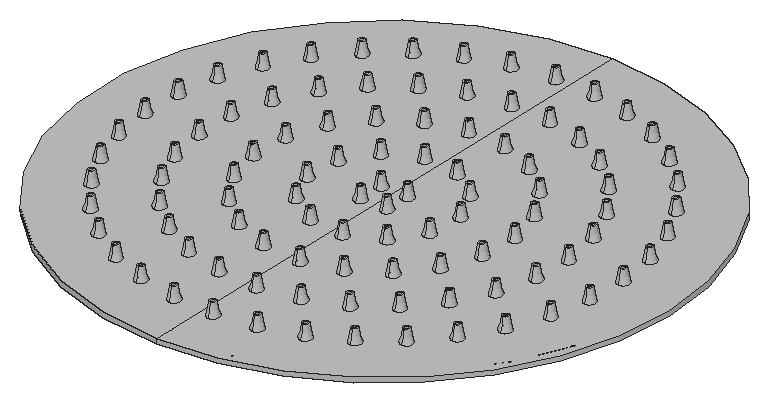
Revit family "Reece_Shower_Milli_Inox_Shower Head_300 mm", category Plumbing Fixtures, host Face, Revit 2018 (continued)
Automatic sketch dimensions
  plane 1 "Center (Front/Back)" to Revolve 6 sketch curve = 4.933 mm
  Revolve 6 sketch curve to Revolve 6 sketch curve = 0.808 mm
  Revolve 6 sketch curve to Revolve 6 sketch curve = 3.055 mm
  Revolve 6 sketch curve to Revolve 6 sketch curve = 0.802 mm
  Revolve 6 sketch curve to Revolve 6 sketch curve = 0 mm  (x2)
  Revolve 7 sketch curve to plane 9 = 0 mm  (x2)
  Revolve 7 sketch curve to plane 1 "Center (Front/Back)" = 10.183 mm
  Revolve 7 sketch curve to Revolve 7 sketch curve = 22.402 mm
  Revolve 7 sketch curve to plane 9 = 6.766 mm
  Revolve 7 sketch curve to Revolve 7 sketch curve = 1.38 mm
  Revolve 7 sketch curve to Revolve 7 sketch curve = 0.808 mm
  Revolve 7 sketch curve to Revolve 7 sketch curve = 3.055 mm
  Revolve 7 sketch curve to Revolve 7 sketch curve = 0.802 mm
  Revolve 7 sketch curve to Revolve 7 sketch curve = 0 mm  (x2)
  Revolve 8 sketch curve to plane 9 = 0 mm  (x2)
  Revolve 8 sketch curve to plane 1 "Center (Front/Back)" = 2.139 mm
  Revolve 8 sketch curve to Revolve 8 sketch curve = 22.402 mm
  Revolve 8 sketch curve to plane 9 = 6.766 mm
  Revolve 8 sketch curve to Revolve 8 sketch curve = 1.38 mm
  Revolve 8 sketch curve to Revolve 8 sketch curve = 0.808 mm
  Revolve 8 sketch curve to Revolve 8 sketch curve = 3.055 mm
  Revolve 8 sketch curve to Revolve 8 sketch curve = 0.802 mm
  Revolve 8 sketch curve to Revolve 8 sketch curve = 0 mm  (x2)
  Revolve 9 sketch curve to plane 9 = 0 mm  (x2)
  plane 1 "Center (Front/Back)" to Revolve 9 sketch curve = 13.199 mm
  Revolve 9 sketch curve to plane 1 "Center (Front/Back)" = 9.202 mm
  Revolve 9 sketch curve to plane 9 = 6.766 mm
  Revolve 9 sketch curve to Revolve 9 sketch curve = 1.38 mm
  Revolve 9 sketch curve to Revolve 9 sketch curve = 0.808 mm
  Revolve 9 sketch curve to Revolve 9 sketch curve = 3.055 mm
  Revolve 9 sketch curve to Revolve 9 sketch curve = 0.802 mm
  Revolve 9 sketch curve to Revolve 9 sketch curve = 0 mm  (x2)
  Revolve 10 sketch curve to plane 9 = 0 mm  (x2)
  Revolve 10 sketch curve to plane 9 = 8.093 mm
  plane 1 "Center (Front/Back)" to Revolve 10 sketch curve = 31.692 mm
  plane 1 "Center (Front/Back)" to Revolve 10 sketch curve = 9.291 mm
  Revolve 10 sketch curve to plane 9 = 6.766 mm
  Revolve 10 sketch curve to Revolve 10 sketch curve = 0.808 mm
  Revolve 10 sketch curve to Revolve 10 sketch curve = 3.055 mm
  Revolve 10 sketch curve to Revolve 10 sketch curve = 0.802 mm
  Revolve 10 sketch curve to Revolve 10 sketch curve = 0 mm  (x2)
  Revolve 11 sketch curve to plane 9 = 0 mm  (x2)
  Revolve 11 sketch curve to plane 9 = 8.093 mm
  plane 1 "Center (Front/Back)" to Revolve 11 sketch curve = 48.595 mm
  Revolve 11 sketch curve to Revolve 11 sketch curve = 22.402 mm
  Revolve 11 sketch curve to plane 9 = 6.766 mm
  Revolve 11 sketch curve to Revolve 11 sketch curve = 0.808 mm
  Revolve 11 sketch curve to Revolve 11 sketch curve = 3.055 mm
  Revolve 11 sketch curve to Revolve 11 sketch curve = 0.802 mm
  Revolve 11 sketch curve to Revolve 11 sketch curve = 0 mm  (x2)
  Revolve 12 sketch curve to plane 9 = 0 mm  (x2)
  Revolve 12 sketch curve to plane 9 = 8.093 mm
  plane 1 "Center (Front/Back)" to Revolve 12 sketch curve = 58.988 mm
  Revolve 12 sketch curve to Revolve 12 sketch curve = 22.402 mm
  Revolve 12 sketch curve to plane 9 = 6.766 mm
  Revolve 12 sketch curve to Revolve 12 sketch curve = 0.808 mm
  Revolve 12 sketch curve to Revolve 12 sketch curve = 3.055 mm
  Revolve 12 sketch curve to Revolve 12 sketch curve = 0.802 mm
  Revolve 12 sketch curve to Revolve 12 sketch curve = 0 mm  (x2)
  plane 9 to Revolve 13 sketch curve = 0 mm  (x2)
  Revolve 13 sketch curve to plane 1 "Center (Front/Back)" = 8.364 mm
  Revolve 13 sketch curve to Revolve 13 sketch curve = 22.402 mm
  Revolve 13 sketch curve to plane 9 = 6.766 mm
  Revolve 13 sketch curve to Revolve 13 sketch curve = 1.38 mm
  Revolve 13 sketch curve to Revolve 13 sketch curve = 0.808 mm
  Revolve 13 sketch curve to Revolve 13 sketch curve = 3.055 mm
  Revolve 13 sketch curve to Revolve 13 sketch curve = 0.802 mm
  Revolve 13 sketch curve to Revolve 13 sketch curve = 0 mm  (x2)
  plane 9 to Revolve 14 sketch curve = 0 mm  (x2)
  plane 1 "Center (Front/Back)" to Revolve 14 sketch curve = 2.287 mm
  Revolve 14 sketch curve to Revolve 14 sketch curve = 22.402 mm
  Revolve 14 sketch curve to plane 9 = 6.766 mm
  Revolve 14 sketch curve to Revolve 14 sketch curve = 1.38 mm
  Revolve 14 sketch curve to Revolve 14 sketch curve = 0.808 mm
  Revolve 14 sketch curve to Revolve 14 sketch curve = 3.055 mm
  Revolve 14 sketch curve to Revolve 14 sketch curve = 0.802 mm
  Revolve 14 sketch curve to Revolve 14 sketch curve = 0 mm  (x2)
  plane 9 to Revolve 15 sketch curve = 0 mm  (x2)
  plane 1 "Center (Front/Back)" to Revolve 15 sketch curve = 18.51 mm
  Revolve 15 sketch curve to plane 1 "Center (Front/Back)" = 3.891 mm
  Revolve 15 sketch curve to plane 9 = 6.766 mm
  Revolve 15 sketch curve to Revolve 15 sketch curve = 1.38 mm
  Revolve 15 sketch curve to Revolve 15 sketch curve = 0.808 mm
  Revolve 15 sketch curve to Revolve 15 sketch curve = 3.055 mm
  Revolve 15 sketch curve to Revolve 15 sketch curve = 0.802 mm
  Revolve 15 sketch curve to Revolve 15 sketch curve = 0 mm  (x2)
  plane 9 to Revolve 16 sketch curve = 0 mm  (x2)
  Revolve 16 sketch curve to plane 9 = 8.093 mm
  plane 1 "Center (Front/Back)" to Revolve 16 sketch curve = 37.065 mm
  plane 1 "Center (Front/Back)" to Revolve 16 sketch curve = 14.663 mm
  Revolve 16 sketch curve to plane 9 = 6.766 mm
  Revolve 16 sketch curve to Revolve 16 sketch curve = 0.808 mm
  Revolve 16 sketch curve to Revolve 16 sketch curve = 3.055 mm
  Revolve 16 sketch curve to Revolve 16 sketch curve = 0.802 mm
  Revolve 16 sketch curve to Revolve 16 sketch curve = 0 mm  (x2)
  plane 9 to Revolve 17 sketch curve = 0 mm  (x2)
  Revolve 17 sketch curve to plane 9 = 8.093 mm
  plane 1 "Center (Front/Back)" to Revolve 17 sketch curve = 52.271 mm
  Revolve 17 sketch curve to Revolve 17 sketch curve = 22.402 mm
  Revolve 17 sketch curve to plane 9 = 6.766 mm
  Revolve 17 sketch curve to Revolve 17 sketch curve = 0.808 mm
  Revolve 17 sketch curve to Revolve 17 sketch curve = 3.055 mm
  Revolve 17 sketch curve to Revolve 17 sketch curve = 0.802 mm
  Revolve 17 sketch curve to Revolve 17 sketch curve = 0 mm  (x2)
  plane 9 to Revolve 18 sketch curve = 0 mm  (x2)
  Revolve 18 sketch curve to plane 9 = 8.093 mm
  plane 1 "Center (Front/Back)" to Revolve 18 sketch curve = 60.458 mm
  Revolve 18 sketch curve to Revolve 18 sketch curve = 22.402 mm
  Revolve 18 sketch curve to plane 9 = 6.766 mm
  Revolve 18 sketch curve to Revolve 18 sketch curve = 0.808 mm
  Revolve 18 sketch curve to Revolve 18 sketch curve = 3.055 mm
  Revolve 18 sketch curve to Revolve 18 sketch curve = 0.802 mm
  Revolve 18 sketch curve to Revolve 18 sketch curve = 0 mm  (x2)
  Revolve 19 sketch curve to plane 9 = 0 mm  (x2)
  Revolve 19 sketch curve to plane 9 = 8.093 mm
  Revolve 19 sketch curve to plane 1 "Center (Front/Back)" = 38.801 mm
  Revolve 19 sketch curve to Revolve 19 sketch curve = 22.402 mm
  Revolve 19 sketch curve to plane 9 = 6.766 mm
  Revolve 19 sketch curve to Revolve 19 sketch curve = 0.808 mm
  Revolve 19 sketch curve to Revolve 19 sketch curve = 3.055 mm
  Revolve 19 sketch curve to Revolve 19 sketch curve = 0.802 mm
  Revolve 19 sketch curve to Revolve 19 sketch curve = 0 mm  (x2)
  Revolve 20 sketch curve to plane 9 = 0 mm  (x2)
  Revolve 20 sketch curve to plane 9 = 8.093 mm
  Revolve 20 sketch curve to plane 1 "Center (Front/Back)" = 33.57 mm
  Revolve 20 sketch curve to Revolve 20 sketch curve = 22.402 mm
  Revolve 20 sketch curve to plane 9 = 6.766 mm
  Revolve 20 sketch curve to Revolve 20 sketch curve = 0.808 mm
  Revolve 20 sketch curve to Revolve 20 sketch curve = 3.055 mm
  Revolve 20 sketch curve to Revolve 20 sketch curve = 0.802 mm
  Revolve 20 sketch curve to Revolve 20 sketch curve = 0 mm  (x2)
  Revolve 21 sketch curve to plane 9 = 0 mm  (x2)
  Revolve 21 sketch curve to plane 9 = 8.093 mm
  Revolve 21 sketch curve to plane 1 "Center (Front/Back)" = 22.677 mm
  Revolve 21 sketch curve to Revolve 21 sketch curve = 22.402 mm
  Revolve 21 sketch curve to plane 9 = 6.766 mm
  Revolve 21 sketch curve to Revolve 21 sketch curve = 0.808 mm
  Revolve 21 sketch curve to Revolve 21 sketch curve = 3.055 mm
  Revolve 21 sketch curve to Revolve 21 sketch curve = 0.802 mm
  Revolve 21 sketch curve to Revolve 21 sketch curve = 0 mm  (x2)
  Revolve 22 sketch curve to plane 9 = 0 mm  (x2)
  Revolve 22 sketch curve to plane 1 "Center (Front/Back)" = 7.016 mm
  Revolve 22 sketch curve to Revolve 22 sketch curve = 22.402 mm
  Revolve 22 sketch curve to plane 9 = 6.766 mm
  Revolve 22 sketch curve to Revolve 22 sketch curve = 1.38 mm
  Revolve 22 sketch curve to Revolve 22 sketch curve = 0.808 mm
  Revolve 22 sketch curve to Revolve 22 sketch curve = 3.055 mm
  Revolve 22 sketch curve to Revolve 22 sketch curve = 0.802 mm
  Revolve 22 sketch curve to Revolve 22 sketch curve = 0 mm  (x2)
  Revolve 23 sketch curve to plane 9 = 0 mm  (x2)
  plane 1 "Center (Front/Back)" to Revolve 23 sketch curve = 11.656 mm
  Revolve 23 sketch curve to plane 1 "Center (Front/Back)" = 10.746 mm
  Revolve 23 sketch curve to plane 9 = 6.766 mm
  Revolve 23 sketch curve to Revolve 23 sketch curve = 1.38 mm
  Revolve 23 sketch curve to Revolve 23 sketch curve = 0.808 mm
  Revolve 23 sketch curve to Revolve 23 sketch curve = 3.055 mm
  Revolve 23 sketch curve to Revolve 23 sketch curve = 0.802 mm
  Revolve 23 sketch curve to Revolve 23 sketch curve = 0 mm  (x2)
  Revolve 24 sketch curve to plane 9 = 0 mm  (x2)
  Revolve 24 sketch curve to plane 9 = 8.093 mm
  plane 1 "Center (Front/Back)" to Revolve 24 sketch curve = 31.628 mm
  plane 1 "Center (Front/Back)" to Revolve 24 sketch curve = 9.227 mm
  Revolve 24 sketch curve to plane 9 = 6.766 mm
  Revolve 24 sketch curve to Revolve 24 sketch curve = 0.808 mm
  Revolve 24 sketch curve to Revolve 24 sketch curve = 3.055 mm
  Revolve 24 sketch curve to Revolve 24 sketch curve = 0.802 mm
  Revolve 24 sketch curve to Revolve 24 sketch curve = 0 mm  (x2)
  Revolve 25 sketch curve to plane 9 = 0 mm  (x2)
  Revolve 25 sketch curve to plane 9 = 8.093 mm
  plane 1 "Center (Front/Back)" to Revolve 25 sketch curve = 50.815 mm
  Revolve 25 sketch curve to Revolve 25 sketch curve = 22.402 mm
  Revolve 25 sketch curve to plane 9 = 6.766 mm
  Revolve 25 sketch curve to Revolve 25 sketch curve = 0.808 mm
  Revolve 25 sketch curve to Revolve 25 sketch curve = 3.055 mm
  Revolve 25 sketch curve to Revolve 25 sketch curve = 0.802 mm
  Revolve 25 sketch curve to Revolve 25 sketch curve = 0 mm  (x2)
  Revolve 26 sketch curve to plane 9 = 0 mm  (x2)
  Revolve 26 sketch curve to plane 9 = 8.093 mm
  plane 1 "Center (Front/Back)" to Revolve 26 sketch curve = 67.758 mm
  Revolve 26 sketch curve to Revolve 26 sketch curve = 22.402 mm
  Revolve 26 sketch curve to plane 9 = 6.766 mm
  Revolve 26 sketch curve to Revolve 26 sketch curve = 0.808 mm
  Revolve 26 sketch curve to Revolve 26 sketch curve = 3.055 mm
  Revolve 26 sketch curve to Revolve 26 sketch curve = 0.802 mm
  Revolve 26 sketch curve to Revolve 26 sketch curve = 0 mm  (x2)
  Revolve 27 sketch curve to plane 9 = 0 mm  (x2)
  Revolve 27 sketch curve to plane 9 = 8.093 mm
  Revolve 27 sketch curve to plane 7 = 69.637 mm
  Revolve 27 sketch curve to Revolve 27 sketch curve = 22.402 mm
  Revolve 27 sketch curve to plane 9 = 6.766 mm
  Revolve 27 sketch curve to Revolve 27 sketch curve = 0.808 mm
  Revolve 27 sketch curve to Revolve 27 sketch curve = 3.055 mm
  Revolve 27 sketch curve to Revolve 27 sketch curve = 0.802 mm
  Revolve 27 sketch curve to Revolve 27 sketch curve = 0 mm  (x2)
  Revolve 28 sketch curve to plane 9 = 0 mm  (x2)
  Revolve 28 sketch curve to plane 9 = 8.093 mm
  Revolve 28 sketch curve to plane 7 = 62.304 mm
  Revolve 28 sketch curve to Revolve 28 sketch curve = 22.402 mm
  Revolve 28 sketch curve to plane 9 = 6.766 mm
  Revolve 28 sketch curve to Revolve 28 sketch curve = 0.808 mm
  Revolve 28 sketch curve to Revolve 28 sketch curve = 3.055 mm
  Revolve 28 sketch curve to Revolve 28 sketch curve = 0.802 mm
  Revolve 28 sketch curve to Revolve 28 sketch curve = 0 mm  (x2)
  Revolve 29 sketch curve to plane 9 = 0 mm  (x2)
  Revolve 29 sketch curve to plane 9 = 8.093 mm
  Revolve 29 sketch curve to plane 7 = 61.19 mm
  Revolve 29 sketch curve to Revolve 29 sketch curve = 22.402 mm
  Revolve 29 sketch curve to plane 9 = 6.766 mm
  Revolve 29 sketch curve to Revolve 29 sketch curve = 0.808 mm
  Revolve 29 sketch curve to Revolve 29 sketch curve = 3.055 mm
  Revolve 29 sketch curve to Revolve 29 sketch curve = 0.802 mm
  Revolve 29 sketch curve to Revolve 29 sketch curve = 0 mm  (x2)
  Revolve 30 sketch curve to plane 9 = 0 mm  (x2)
  Revolve 30 sketch curve to plane 9 = 8.093 mm
  Revolve 30 sketch curve to plane 7 = 66.24 mm
  Revolve 30 sketch curve to Revolve 30 sketch curve = 22.402 mm
  Revolve 30 sketch curve to plane 9 = 6.766 mm
  Revolve 30 sketch curve to Revolve 30 sketch curve = 0.808 mm
  Revolve 30 sketch curve to Revolve 30 sketch curve = 3.055 mm
  Revolve 30 sketch curve to Revolve 30 sketch curve = 0.802 mm
  Revolve 30 sketch curve to Revolve 30 sketch curve = 0 mm  (x2)
  Revolve 31 sketch curve to plane 9 = 0 mm  (x2)
  Revolve 31 sketch curve to plane 9 = 8.093 mm
  plane 1 "Center (Front/Back)" to Revolve 31 sketch curve = 72.795 mm
  Revolve 31 sketch curve to Revolve 31 sketch curve = 22.402 mm
  Revolve 31 sketch curve to plane 9 = 6.766 mm
  Revolve 31 sketch curve to Revolve 31 sketch curve = 0.808 mm
  Revolve 31 sketch curve to Revolve 31 sketch curve = 3.055 mm
  Revolve 31 sketch curve to Revolve 31 sketch curve = 0.802 mm
  Revolve 31 sketch curve to Revolve 31 sketch curve = 0 mm  (x2)
  Revolve 32 sketch curve to plane 9 = 0 mm  (x2)
  Revolve 32 sketch curve to plane 9 = 8.093 mm
  plane 1 "Center (Front/Back)" to Revolve 32 sketch curve = 57.212 mm
  Revolve 32 sketch curve to Revolve 32 sketch curve = 22.402 mm
  Revolve 32 sketch curve to plane 9 = 6.766 mm
  Revolve 32 sketch curve to Revolve 32 sketch curve = 0.808 mm
  Revolve 32 sketch curve to Revolve 32 sketch curve = 3.055 mm
  Revolve 32 sketch curve to Revolve 32 sketch curve = 0.802 mm
  Revolve 32 sketch curve to Revolve 32 sketch curve = 0 mm  (x2)
  Revolve 33 sketch curve to plane 9 = 0 mm  (x2)
  Revolve 33 sketch curve to plane 9 = 8.093 mm
  plane 1 "Center (Front/Back)" to Revolve 33 sketch curve = 38.589 mm
  plane 1 "Center (Front/Back)" to Revolve 33 sketch curve = 16.188 mm
  Revolve 33 sketch curve to plane 9 = 6.766 mm
  Revolve 33 sketch curve to Revolve 33 sketch curve = 0.808 mm
  Revolve 33 sketch curve to Revolve 33 sketch curve = 3.055 mm
  Revolve 33 sketch curve to Revolve 33 sketch curve = 0.802 mm
  Revolve 33 sketch curve to Revolve 33 sketch curve = 0 mm  (x2)
  Revolve 34 sketch curve to plane 9 = 0 mm  (x2)
  Revolve 34 sketch curve to plane 9 = 8.093 mm
  plane 1 "Center (Front/Back)" to Revolve 34 sketch curve = 18.563 mm
  Revolve 34 sketch curve to plane 1 "Center (Front/Back)" = 3.838 mm
  Revolve 34 sketch curve to plane 1 "Center (Front/Back)" = 5.218 mm
  Revolve 34 sketch curve to Revolve 34 sketch curve = 0.808 mm
  Revolve 34 sketch curve to Revolve 34 sketch curve = 3.055 mm
  Revolve 34 sketch curve to Revolve 34 sketch curve = 0.802 mm
  Revolve 34 sketch curve to Revolve 34 sketch curve = 0 mm  (x2)
  Revolve 35 sketch curve to plane 9 = 0 mm  (x2)
  Revolve 35 sketch curve to plane 1 "Center (Front/Back)" = 0.726 mm
  Revolve 35 sketch curve to plane 1 "Center (Front/Back)" = 23.128 mm
  Revolve 35 sketch curve to plane 9 = 6.766 mm
  Revolve 35 sketch curve to Revolve 35 sketch curve = 1.38 mm
  Revolve 35 sketch curve to Revolve 35 sketch curve = 0.808 mm
  Revolve 35 sketch curve to Revolve 35 sketch curve = 3.055 mm
  Revolve 35 sketch curve to Revolve 35 sketch curve = 0.802 mm
  Revolve 35 sketch curve to Revolve 35 sketch curve = 0 mm  (x2)
  Revolve 36 sketch curve to plane 9 = 0 mm  (x2)
  Revolve 36 sketch curve to plane 9 = 8.093 mm
  Revolve 36 sketch curve to plane 1 "Center (Front/Back)" = 17.652 mm
  Revolve 36 sketch curve to Revolve 36 sketch curve = 22.402 mm
  Revolve 36 sketch curve to plane 9 = 6.766 mm
  Revolve 36 sketch curve to Revolve 36 sketch curve = 0.808 mm
  Revolve 36 sketch curve to Revolve 36 sketch curve = 3.055 mm
  Revolve 36 sketch curve to Revolve 36 sketch curve = 0.802 mm
  Revolve 36 sketch curve to Revolve 36 sketch curve = 0 mm  (x2)
  Revolve 37 sketch curve to plane 9 = 0 mm  (x2)
  Revolve 37 sketch curve to plane 9 = 8.093 mm
  Revolve 37 sketch curve to plane 1 "Center (Front/Back)" = 30.315 mm
  Revolve 37 sketch curve to Revolve 37 sketch curve = 22.402 mm
  Revolve 37 sketch curve to plane 9 = 6.766 mm
  Revolve 37 sketch curve to Revolve 37 sketch curve = 0.808 mm
  Revolve 37 sketch curve to Revolve 37 sketch curve = 3.055 mm
  Revolve 37 sketch curve to Revolve 37 sketch curve = 0.802 mm
  Revolve 37 sketch curve to Revolve 37 sketch curve = 0 mm  (x2)
  Revolve 38 sketch curve to plane 9 = 0 mm  (x2)
  Revolve 38 sketch curve to plane 9 = 8.093 mm
  Revolve 38 sketch curve to plane 1 "Center (Front/Back)" = 37.651 mm
  Revolve 38 sketch curve to Revolve 38 sketch curve = 22.402 mm
  Revolve 38 sketch curve to plane 9 = 6.766 mm
  Revolve 38 sketch curve to Revolve 38 sketch curve = 0.808 mm
  Revolve 38 sketch curve to Revolve 38 sketch curve = 3.055 mm
  Revolve 38 sketch curve to Revolve 38 sketch curve = 0.802 mm
  Revolve 38 sketch curve to Revolve 38 sketch curve = 0 mm  (x2)
  Revolve 39 sketch curve to plane 9 = 0 mm  (x2)
  Revolve 39 sketch curve to plane 9 = 8.093 mm
  Revolve 39 sketch curve to plane 1 "Center (Front/Back)" = 67.033 mm
  Revolve 39 sketch curve to Revolve 39 sketch curve = 22.402 mm
  Revolve 39 sketch curve to plane 9 = 6.766 mm
  Revolve 39 sketch curve to Revolve 39 sketch curve = 0.808 mm
  Revolve 39 sketch curve to Revolve 39 sketch curve = 3.055 mm
  Revolve 39 sketch curve to Revolve 39 sketch curve = 0.802 mm
  Revolve 39 sketch curve to Revolve 39 sketch curve = 0 mm  (x2)
  Revolve 40 sketch curve to plane 9 = 0 mm  (x2)
  Revolve 40 sketch curve to plane 9 = 8.093 mm
  Revolve 40 sketch curve to plane 1 "Center (Front/Back)" = 63.076 mm
  Revolve 40 sketch curve to Revolve 40 sketch curve = 22.402 mm
  Revolve 40 sketch curve to plane 9 = 6.766 mm
  Revolve 40 sketch curve to Revolve 40 sketch curve = 0.808 mm
  Revolve 40 sketch curve to Revolve 40 sketch curve = 3.055 mm
  Revolve 40 sketch curve to Revolve 40 sketch curve = 0.802 mm
  Revolve 40 sketch curve to Revolve 40 sketch curve = 0 mm  (x2)
  Revolve 41 sketch curve to plane 9 = 0 mm  (x2)
  Revolve 41 sketch curve to plane 9 = 8.093 mm
  Revolve 41 sketch curve to plane 1 "Center (Front/Back)" = 54.904 mm
  Revolve 41 sketch curve to Revolve 41 sketch curve = 22.402 mm
  Revolve 41 sketch curve to plane 9 = 6.766 mm
  Revolve 41 sketch curve to Revolve 41 sketch curve = 0.808 mm
  Revolve 41 sketch curve to Revolve 41 sketch curve = 3.055 mm
  Revolve 41 sketch curve to Revolve 41 sketch curve = 0.802 mm
  Revolve 41 sketch curve to Revolve 41 sketch curve = 0 mm  (x2)
  Revolve 42 sketch curve to plane 9 = 0 mm  (x2)
  Revolve 42 sketch curve to plane 9 = 8.093 mm
  Revolve 42 sketch curve to plane 1 "Center (Front/Back)" = 42.697 mm
  Revolve 42 sketch curve to Revolve 42 sketch curve = 22.402 mm
  Revolve 42 sketch curve to plane 9 = 6.766 mm
  Revolve 42 sketch curve to Revolve 42 sketch curve = 0.808 mm
  Revolve 42 sketch curve to Revolve 42 sketch curve = 3.055 mm
  Revolve 42 sketch curve to Revolve 42 sketch curve = 0.802 mm
  Revolve 42 sketch curve to Revolve 42 sketch curve = 0 mm  (x2)
  Revolve 43 sketch curve to plane 9 = 0 mm  (x2)
  Revolve 43 sketch curve to plane 9 = 8.093 mm
  Revolve 43 sketch curve to plane 1 "Center (Front/Back)" = 27.268 mm
  Revolve 43 sketch curve to Revolve 43 sketch curve = 22.402 mm
  Revolve 43 sketch curve to plane 9 = 6.766 mm
  Revolve 43 sketch curve to Revolve 43 sketch curve = 0.808 mm
  Revolve 43 sketch curve to Revolve 43 sketch curve = 3.055 mm
  Revolve 43 sketch curve to Revolve 43 sketch curve = 0.802 mm
  Revolve 43 sketch curve to Revolve 43 sketch curve = 0 mm  (x2)
  Revolve 44 sketch curve to plane 9 = 0 mm  (x2)
  Revolve 44 sketch curve to plane 1 "Center (Front/Back)" = 8.7 mm
  Revolve 44 sketch curve to Revolve 44 sketch curve = 22.402 mm
  Revolve 44 sketch curve to plane 9 = 6.766 mm
  Revolve 44 sketch curve to Revolve 44 sketch curve = 1.38 mm
  Revolve 44 sketch curve to Revolve 44 sketch curve = 0.808 mm
  Revolve 44 sketch curve to Revolve 44 sketch curve = 3.055 mm
  Revolve 44 sketch curve to Revolve 44 sketch curve = 0.802 mm
  Revolve 44 sketch curve to Revolve 44 sketch curve = 0 mm  (x2)
  Revolve 45 sketch curve to plane 9 = 0 mm  (x2)
  plane 1 "Center (Front/Back)" to Revolve 45 sketch curve = 11.402 mm
  Revolve 45 sketch curve to plane 1 "Center (Front/Back)" = 11 mm
  Revolve 45 sketch curve to plane 9 = 6.766 mm
  Revolve 45 sketch curve to Revolve 45 sketch curve = 1.38 mm
  Revolve 45 sketch curve to Revolve 45 sketch curve = 0.808 mm
  Revolve 45 sketch curve to Revolve 45 sketch curve = 3.055 mm
  Revolve 45 sketch curve to Revolve 45 sketch curve = 0.802 mm
  Revolve 45 sketch curve to Revolve 45 sketch curve = 0 mm  (x2)
  Revolve 46 sketch curve to plane 9 = 0 mm  (x2)
  Revolve 46 sketch curve to plane 9 = 8.093 mm
  plane 1 "Center (Front/Back)" to Revolve 46 sketch curve = 31.85 mm
  plane 1 "Center (Front/Back)" to Revolve 46 sketch curve = 9.448 mm
  Revolve 46 sketch curve to plane 9 = 6.766 mm
  Revolve 46 sketch curve to Revolve 46 sketch curve = 0.808 mm
  Revolve 46 sketch curve to Revolve 46 sketch curve = 3.055 mm
  Revolve 46 sketch curve to Revolve 46 sketch curve = 0.802 mm
  Revolve 46 sketch curve to Revolve 46 sketch curve = 0 mm  (x2)
  Revolve 47 sketch curve to plane 9 = 0 mm  (x2)
  Revolve 47 sketch curve to plane 9 = 8.093 mm
  plane 1 "Center (Front/Back)" to Revolve 47 sketch curve = 52.451 mm
  Revolve 47 sketch curve to Revolve 47 sketch curve = 22.402 mm
  Revolve 47 sketch curve to plane 9 = 6.766 mm
  Revolve 47 sketch curve to Revolve 47 sketch curve = 0.808 mm
  Revolve 47 sketch curve to Revolve 47 sketch curve = 3.055 mm
  Revolve 47 sketch curve to Revolve 47 sketch curve = 0.802 mm
  Revolve 47 sketch curve to Revolve 47 sketch curve = 0 mm  (x2)
  Revolve 48 sketch curve to plane 9 = 0 mm  (x2)
  Revolve 48 sketch curve to plane 9 = 8.093 mm
  plane 1 "Center (Front/Back)" to Revolve 48 sketch curve = 71.106 mm
  Revolve 48 sketch curve to Revolve 48 sketch curve = 22.402 mm
  Revolve 48 sketch curve to plane 9 = 6.766 mm
  Revolve 48 sketch curve to Revolve 48 sketch curve = 0.808 mm
  Revolve 48 sketch curve to Revolve 48 sketch curve = 3.055 mm
  Revolve 48 sketch curve to Revolve 48 sketch curve = 0.802 mm
  Revolve 48 sketch curve to Revolve 48 sketch curve = 0 mm  (x2)
  Revolve 49 sketch curve to plane 9 = 0 mm  (x2)
  Revolve 49 sketch curve to plane 9 = 8.093 mm
  Revolve 49 sketch curve to plane 7 = 62.053 mm
  Revolve 49 sketch curve to Revolve 49 sketch curve = 22.402 mm
  Revolve 49 sketch curve to plane 9 = 6.766 mm
  Revolve 49 sketch curve to Revolve 49 sketch curve = 0.808 mm
  Revolve 49 sketch curve to Revolve 49 sketch curve = 3.055 mm
  Revolve 49 sketch curve to Revolve 49 sketch curve = 0.802 mm
  Revolve 49 sketch curve to Revolve 49 sketch curve = 0 mm  (x2)
  Revolve 50 sketch curve to plane 9 = 0 mm  (x2)
  Revolve 50 sketch curve to plane 9 = 8.093 mm
  Revolve 50 sketch curve to plane 7 = 48.501 mm
  Revolve 50 sketch curve to Revolve 50 sketch curve = 22.402 mm
  Revolve 50 sketch curve to plane 9 = 6.766 mm
  Revolve 50 sketch curve to Revolve 50 sketch curve = 0.808 mm
  Revolve 50 sketch curve to Revolve 50 sketch curve = 3.055 mm
  Revolve 50 sketch curve to Revolve 50 sketch curve = 0.802 mm
  Revolve 50 sketch curve to Revolve 50 sketch curve = 0 mm  (x2)
  Revolve 51 sketch curve to plane 9 = 0 mm  (x2)
  Revolve 51 sketch curve to plane 9 = 8.093 mm
  Revolve 51 sketch curve to plane 7 = 38.926 mm
  Revolve 51 sketch curve to Revolve 51 sketch curve = 22.402 mm
  Revolve 51 sketch curve to plane 9 = 6.766 mm
  Revolve 51 sketch curve to Revolve 51 sketch curve = 0.808 mm
  Revolve 51 sketch curve to Revolve 51 sketch curve = 3.055 mm
  Revolve 51 sketch curve to Revolve 51 sketch curve = 0.802 mm
  Revolve 51 sketch curve to Revolve 51 sketch curve = 0 mm  (x2)
  Revolve 52 sketch curve to plane 9 = 0 mm  (x2)
  Revolve 52 sketch curve to plane 9 = 8.093 mm
  Revolve 52 sketch curve to plane 7 = 33.673 mm
  Revolve 52 sketch curve to Revolve 52 sketch curve = 22.402 mm
  Revolve 52 sketch curve to plane 9 = 6.766 mm
  Revolve 52 sketch curve to Revolve 52 sketch curve = 0.808 mm
  Revolve 52 sketch curve to Revolve 52 sketch curve = 3.055 mm
  Revolve 52 sketch curve to Revolve 52 sketch curve = 0.802 mm
  Revolve 52 sketch curve to Revolve 52 sketch curve = 0 mm  (x2)
  Revolve 53 sketch curve to plane 9 = 0 mm  (x2)
  Revolve 53 sketch curve to plane 9 = 8.093 mm
  Revolve 53 sketch curve to plane 7 = 32.765 mm
  Revolve 53 sketch curve to Revolve 53 sketch curve = 22.402 mm
  Revolve 53 sketch curve to plane 9 = 6.766 mm
  Revolve 53 sketch curve to Revolve 53 sketch curve = 0.808 mm
  Revolve 53 sketch curve to Revolve 53 sketch curve = 3.055 mm
  Revolve 53 sketch curve to Revolve 53 sketch curve = 0.802 mm
  Revolve 53 sketch curve to Revolve 53 sketch curve = 0 mm  (x2)
  Revolve 54 sketch curve to plane 9 = 0 mm  (x2)
  Revolve 54 sketch curve to plane 9 = 8.093 mm
  Revolve 54 sketch curve to plane 7 = 36.607 mm
  Revolve 54 sketch curve to Revolve 54 sketch curve = 22.402 mm
  Revolve 54 sketch curve to plane 9 = 6.766 mm
  Revolve 54 sketch curve to Revolve 54 sketch curve = 0.808 mm
  Revolve 54 sketch curve to Revolve 54 sketch curve = 3.055 mm
  Revolve 54 sketch curve to Revolve 54 sketch curve = 0.802 mm
  Revolve 54 sketch curve to Revolve 54 sketch curve = 0 mm  (x2)
  Revolve 55 sketch curve to plane 9 = 0 mm  (x2)
  Revolve 55 sketch curve to plane 9 = 8.093 mm
  Revolve 55 sketch curve to plane 7 = 44.69 mm
  Revolve 55 sketch curve to Revolve 55 sketch curve = 22.402 mm
  Revolve 55 sketch curve to plane 9 = 6.766 mm
  Revolve 55 sketch curve to Revolve 55 sketch curve = 0.808 mm
  Revolve 55 sketch curve to Revolve 55 sketch curve = 3.055 mm
  Revolve 55 sketch curve to Revolve 55 sketch curve = 0.802 mm
  Revolve 55 sketch curve to Revolve 55 sketch curve = 0 mm  (x2)
  Revolve 56 sketch curve to plane 9 = 0 mm  (x2)
  Revolve 56 sketch curve to plane 9 = 8.093 mm
  Revolve 56 sketch curve to plane 7 = 56.927 mm
  Revolve 56 sketch curve to Revolve 56 sketch curve = 22.402 mm
  Revolve 56 sketch curve to plane 9 = 6.766 mm
  Revolve 56 sketch curve to Revolve 56 sketch curve = 0.808 mm
  Revolve 56 sketch curve to Revolve 56 sketch curve = 3.055 mm
  Revolve 56 sketch curve to Revolve 56 sketch curve = 0.802 mm
  Revolve 56 sketch curve to Revolve 56 sketch curve = 0 mm  (x2)
  Revolve 57 sketch curve to plane 9 = 0 mm  (x2)
  Revolve 57 sketch curve to plane 9 = 8.093 mm
  Revolve 57 sketch curve to plane 7 = 72.54 mm
  Revolve 57 sketch curve to Revolve 57 sketch curve = 22.402 mm
  Revolve 57 sketch curve to plane 9 = 6.766 mm
  Revolve 57 sketch curve to Revolve 57 sketch curve = 0.808 mm
  Revolve 57 sketch curve to Revolve 57 sketch curve = 3.055 mm
  Revolve 57 sketch curve to Revolve 57 sketch curve = 0.802 mm
  Revolve 57 sketch curve to Revolve 57 sketch curve = 0 mm  (x2)
  Revolve 58 sketch curve to plane 9 = 0 mm  (x2)
  Revolve 58 sketch curve to plane 9 = 8.093 mm
  plane 1 "Center (Front/Back)" to Revolve 58 sketch curve = 59.051 mm
  Revolve 58 sketch curve to Revolve 58 sketch curve = 22.402 mm
  Revolve 58 sketch curve to plane 9 = 6.766 mm
  Revolve 58 sketch curve to Revolve 58 sketch curve = 0.808 mm
  Revolve 58 sketch curve to Revolve 58 sketch curve = 3.055 mm
  Revolve 58 sketch curve to Revolve 58 sketch curve = 0.802 mm
  Revolve 58 sketch curve to Revolve 58 sketch curve = 0 mm  (x2)
  Revolve 59 sketch curve to plane 9 = 0 mm  (x2)
  Revolve 59 sketch curve to plane 9 = 8.093 mm
  plane 1 "Center (Front/Back)" to Revolve 59 sketch curve = 39.23 mm
  plane 1 "Center (Front/Back)" to Revolve 59 sketch curve = 16.829 mm
  Revolve 59 sketch curve to plane 9 = 6.766 mm
  Revolve 59 sketch curve to Revolve 59 sketch curve = 0.808 mm
  Revolve 59 sketch curve to Revolve 59 sketch curve = 3.055 mm
  Revolve 59 sketch curve to Revolve 59 sketch curve = 0.802 mm
  Revolve 59 sketch curve to Revolve 59 sketch curve = 0 mm  (x2)
  Revolve 60 sketch curve to plane 9 = 0 mm  (x2)
  Revolve 60 sketch curve to plane 9 = 8.093 mm
  plane 1 "Center (Front/Back)" to Revolve 60 sketch curve = 18.712 mm
  Revolve 60 sketch curve to plane 1 "Center (Front/Back)" = 3.689 mm
  Revolve 60 sketch curve to plane 1 "Center (Front/Back)" = 5.069 mm
  Revolve 60 sketch curve to Revolve 60 sketch curve = 0.808 mm
  Revolve 60 sketch curve to Revolve 60 sketch curve = 3.055 mm
  Revolve 60 sketch curve to Revolve 60 sketch curve = 0.802 mm
  Revolve 60 sketch curve to Revolve 60 sketch curve = 0 mm  (x2)
  Revolve 61 sketch curve to plane 9 = 0 mm  (x2)
  Revolve 61 sketch curve to plane 1 "Center (Front/Back)" = 1.964 mm
  Revolve 61 sketch curve to Revolve 61 sketch curve = 22.402 mm
  Revolve 61 sketch curve to plane 9 = 6.766 mm
  Revolve 61 sketch curve to Revolve 61 sketch curve = 1.38 mm
  Revolve 61 sketch curve to Revolve 61 sketch curve = 0.808 mm
  Revolve 61 sketch curve to Revolve 61 sketch curve = 3.055 mm
  Revolve 61 sketch curve to Revolve 61 sketch curve = 0.802 mm
  Revolve 61 sketch curve to Revolve 61 sketch curve = 0 mm  (x2)
  Revolve 62 sketch curve to plane 9 = 0 mm  (x2)
  Revolve 62 sketch curve to plane 9 = 8.093 mm
  Revolve 62 sketch curve to plane 1 "Center (Front/Back)" = 20.767 mm
  Revolve 62 sketch curve to Revolve 62 sketch curve = 22.402 mm
  Revolve 62 sketch curve to plane 9 = 6.766 mm
  Revolve 62 sketch curve to Revolve 62 sketch curve = 0.808 mm
  Revolve 62 sketch curve to Revolve 62 sketch curve = 3.055 mm
  Revolve 62 sketch curve to Revolve 62 sketch curve = 0.802 mm
  Revolve 62 sketch curve to Revolve 62 sketch curve = 0 mm  (x2)
  Revolve 63 sketch curve to plane 9 = 0 mm  (x2)
  Revolve 63 sketch curve to plane 9 = 8.093 mm
  Revolve 63 sketch curve to plane 1 "Center (Front/Back)" = 37.637 mm
  Revolve 63 sketch curve to Revolve 63 sketch curve = 22.402 mm
  Revolve 63 sketch curve to plane 9 = 6.766 mm
  Revolve 63 sketch curve to Revolve 63 sketch curve = 0.808 mm
  Revolve 63 sketch curve to Revolve 63 sketch curve = 3.055 mm
  Revolve 63 sketch curve to Revolve 63 sketch curve = 0.802 mm
  Revolve 63 sketch curve to Revolve 63 sketch curve = 0 mm  (x2)
  Revolve 64 sketch curve to plane 9 = 0 mm  (x2)
  Revolve 64 sketch curve to plane 9 = 8.093 mm
  Revolve 64 sketch curve to plane 1 "Center (Front/Back)" = 51.355 mm
  Revolve 64 sketch curve to Revolve 64 sketch curve = 22.402 mm
  Revolve 64 sketch curve to plane 9 = 6.766 mm
  Revolve 64 sketch curve to Revolve 64 sketch curve = 0.808 mm
  Revolve 64 sketch curve to Revolve 64 sketch curve = 3.055 mm
  Revolve 64 sketch curve to Revolve 64 sketch curve = 0.802 mm
  Revolve 64 sketch curve to Revolve 64 sketch curve = 0 mm  (x2)
  Revolve 65 sketch curve to plane 9 = 0 mm  (x2)
  Revolve 65 sketch curve to plane 9 = 8.093 mm
  Revolve 65 sketch curve to plane 1 "Center (Front/Back)" = 60.938 mm
  Revolve 65 sketch curve to Revolve 65 sketch curve = 22.402 mm
  Revolve 65 sketch curve to plane 9 = 6.766 mm
  Revolve 65 sketch curve to Revolve 65 sketch curve = 0.808 mm
  Revolve 65 sketch curve to Revolve 65 sketch curve = 3.055 mm
  Revolve 65 sketch curve to Revolve 65 sketch curve = 0.802 mm
  Revolve 65 sketch curve to Revolve 65 sketch curve = 0 mm  (x2)
  Revolve 66 sketch curve to plane 9 = 0 mm  (x2)
  Revolve 66 sketch curve to plane 9 = 8.093 mm
  Revolve 66 sketch curve to plane 1 "Center (Front/Back)" = 66.396 mm
  Revolve 66 sketch curve to Revolve 66 sketch curve = 22.402 mm
  Revolve 66 sketch curve to plane 9 = 6.766 mm
  Revolve 66 sketch curve to Revolve 66 sketch curve = 0.808 mm
  Revolve 66 sketch curve to Revolve 66 sketch curve = 3.055 mm
  Revolve 66 sketch curve to Revolve 66 sketch curve = 0.802 mm
  Revolve 66 sketch curve to Revolve 66 sketch curve = 0 mm  (x2)
  Revolve 67 sketch curve to plane 9 = 0 mm  (x2)
  Revolve 67 sketch curve to plane 9 = 8.093 mm
  Revolve 67 sketch curve to plane 6 = 54.9 mm
  Revolve 67 sketch curve to Revolve 67 sketch curve = 22.402 mm
  Revolve 67 sketch curve to plane 9 = 6.766 mm
  Revolve 67 sketch curve to Revolve 67 sketch curve = 0.808 mm
  Revolve 67 sketch curve to Revolve 67 sketch curve = 3.055 mm
  Revolve 67 sketch curve to Revolve 67 sketch curve = 0.802 mm
  Revolve 67 sketch curve to Revolve 67 sketch curve = 0 mm  (x2)
  Revolve 68 sketch curve to plane 9 = 0 mm  (x2)
  Revolve 68 sketch curve to plane 9 = 8.093 mm
  Revolve 68 sketch curve to plane 6 = 59.277 mm
  Revolve 68 sketch curve to Revolve 68 sketch curve = 22.402 mm
  Revolve 68 sketch curve to plane 9 = 6.766 mm
  Revolve 68 sketch curve to Revolve 68 sketch curve = 0.808 mm
  Revolve 68 sketch curve to Revolve 68 sketch curve = 3.055 mm
  Revolve 68 sketch curve to Revolve 68 sketch curve = 0.802 mm
  Revolve 68 sketch curve to Revolve 68 sketch curve = 0 mm  (x2)
  Revolve 69 sketch curve to plane 9 = 0 mm  (x2)
  Revolve 69 sketch curve to plane 9 = 8.093 mm
  Revolve 69 sketch curve to plane 6 = 67.148 mm
  Revolve 69 sketch curve to Revolve 69 sketch curve = 22.402 mm
  Revolve 69 sketch curve to plane 9 = 6.766 mm
  Revolve 69 sketch curve to Revolve 69 sketch curve = 0.808 mm
  Revolve 69 sketch curve to Revolve 69 sketch curve = 3.055 mm
  Revolve 69 sketch curve to Revolve 69 sketch curve = 0.802 mm
  Revolve 69 sketch curve to Revolve 69 sketch curve = 0 mm  (x2)
  Revolve 70 sketch curve to plane 9 = 0 mm  (x2)
  Revolve 70 sketch curve to plane 9 = 8.093 mm
  Revolve 70 sketch curve to plane 1 "Center (Front/Back)" = 71.676 mm
  Revolve 70 sketch curve to Revolve 70 sketch curve = 22.402 mm
  Revolve 70 sketch curve to plane 9 = 6.766 mm
  Revolve 70 sketch curve to Revolve 70 sketch curve = 0.808 mm
  Revolve 70 sketch curve to Revolve 70 sketch curve = 3.055 mm
  Revolve 70 sketch curve to Revolve 70 sketch curve = 0.802 mm
  Revolve 70 sketch curve to Revolve 70 sketch curve = 0 mm  (x2)
  Revolve 71 sketch curve to plane 9 = 0 mm  (x2)
  Revolve 71 sketch curve to plane 9 = 8.093 mm
  Revolve 71 sketch curve to plane 1 "Center (Front/Back)" = 57.57 mm
  Revolve 71 sketch curve to Revolve 71 sketch curve = 22.402 mm
  Revolve 71 sketch curve to plane 9 = 6.766 mm
  Revolve 71 sketch curve to Revolve 71 sketch curve = 0.808 mm
  Revolve 71 sketch curve to Revolve 71 sketch curve = 3.055 mm
  Revolve 71 sketch curve to Revolve 71 sketch curve = 0.802 mm
  Revolve 71 sketch curve to Revolve 71 sketch curve = 0 mm  (x2)
  Revolve 72 sketch curve to plane 9 = 0 mm  (x2)
  Revolve 72 sketch curve to plane 9 = 8.093 mm
  Revolve 72 sketch curve to plane 1 "Center (Front/Back)" = 40.724 mm
  Revolve 72 sketch curve to Revolve 72 sketch curve = 22.402 mm
  Revolve 72 sketch curve to plane 9 = 6.766 mm
  Revolve 72 sketch curve to Revolve 72 sketch curve = 0.808 mm
  Revolve 72 sketch curve to Revolve 72 sketch curve = 3.055 mm
  Revolve 72 sketch curve to Revolve 72 sketch curve = 0.802 mm
  Revolve 72 sketch curve to Revolve 72 sketch curve = 0 mm  (x2)
  Revolve 73 sketch curve to plane 9 = 0 mm  (x2)
  Revolve 73 sketch curve to plane 9 = 8.093 mm
  Revolve 73 sketch curve to plane 1 "Center (Front/Back)" = 22.504 mm
  Revolve 73 sketch curve to Revolve 73 sketch curve = 22.402 mm
  Revolve 73 sketch curve to plane 9 = 6.766 mm
  Revolve 73 sketch curve to Revolve 73 sketch curve = 0.808 mm
  Revolve 73 sketch curve to Revolve 73 sketch curve = 3.055 mm
  Revolve 73 sketch curve to Revolve 73 sketch curve = 0.802 mm
  Revolve 73 sketch curve to Revolve 73 sketch curve = 0 mm  (x2)
  Revolve 74 sketch curve to plane 9 = 0 mm  (x2)
  Revolve 74 sketch curve to plane 1 "Center (Front/Back)" = 2.335 mm
  Revolve 74 sketch curve to Revolve 74 sketch curve = 22.402 mm
  Revolve 74 sketch curve to plane 9 = 6.766 mm
  Revolve 74 sketch curve to Revolve 74 sketch curve = 1.38 mm
  Revolve 74 sketch curve to Revolve 74 sketch curve = 0.808 mm
  Revolve 74 sketch curve to Revolve 74 sketch curve = 3.055 mm
  Revolve 74 sketch curve to Revolve 74 sketch curve = 0.802 mm
  Revolve 74 sketch curve to Revolve 74 sketch curve = 0 mm  (x2)
  Revolve 75 sketch curve to plane 9 = 0 mm  (x2)
  Revolve 75 sketch curve to plane 9 = 8.093 mm
  plane 1 "Center (Front/Back)" to Revolve 75 sketch curve = 18.509 mm
  Revolve 75 sketch curve to plane 1 "Center (Front/Back)" = 3.892 mm
  Revolve 75 sketch curve to plane 1 "Center (Front/Back)" = 5.272 mm
  Revolve 75 sketch curve to Revolve 75 sketch curve = 0.808 mm
  Revolve 75 sketch curve to Revolve 75 sketch curve = 3.055 mm
  Revolve 75 sketch curve to Revolve 75 sketch curve = 0.802 mm
  Revolve 75 sketch curve to Revolve 75 sketch curve = 0 mm  (x2)
  Revolve 76 sketch curve to plane 9 = 0 mm  (x2)
  Revolve 76 sketch curve to plane 9 = 8.093 mm
  plane 1 "Center (Front/Back)" to Revolve 76 sketch curve = 39.514 mm
  plane 1 "Center (Front/Back)" to Revolve 76 sketch curve = 17.112 mm
  Revolve 76 sketch curve to plane 9 = 6.766 mm
  Revolve 76 sketch curve to Revolve 76 sketch curve = 0.808 mm
  Revolve 76 sketch curve to Revolve 76 sketch curve = 3.055 mm
  Revolve 76 sketch curve to Revolve 76 sketch curve = 0.802 mm
  Revolve 76 sketch curve to Revolve 76 sketch curve = 0 mm  (x2)
  Revolve 77 sketch curve to plane 9 = 0 mm  (x2)
  Revolve 77 sketch curve to plane 9 = 8.093 mm
  plane 1 "Center (Front/Back)" to Revolve 77 sketch curve = 60.123 mm
  Revolve 77 sketch curve to Revolve 77 sketch curve = 22.402 mm
  Revolve 77 sketch curve to plane 9 = 6.766 mm
  Revolve 77 sketch curve to Revolve 77 sketch curve = 0.808 mm
  Revolve 77 sketch curve to Revolve 77 sketch curve = 3.055 mm
  Revolve 77 sketch curve to Revolve 77 sketch curve = 0.802 mm
  Revolve 77 sketch curve to Revolve 77 sketch curve = 0 mm  (x2)
  Revolve 78 sketch curve to plane 9 = 0 mm  (x2)
  Revolve 78 sketch curve to plane 9 = 8.093 mm
  Revolve 78 sketch curve to plane 7 = 69.942 mm
  Revolve 78 sketch curve to Revolve 78 sketch curve = 22.402 mm
  Revolve 78 sketch curve to plane 9 = 6.766 mm
  Revolve 78 sketch curve to Revolve 78 sketch curve = 0.808 mm
  Revolve 78 sketch curve to Revolve 78 sketch curve = 3.055 mm
  Revolve 78 sketch curve to Revolve 78 sketch curve = 0.802 mm
  Revolve 78 sketch curve to Revolve 78 sketch curve = 0 mm  (x2)
  Revolve 79 sketch curve to plane 9 = 0 mm  (x2)
  Revolve 79 sketch curve to plane 9 = 8.093 mm
  Revolve 79 sketch curve to plane 7 = 52.268 mm
  Revolve 79 sketch curve to Revolve 79 sketch curve = 22.402 mm
  Revolve 79 sketch curve to plane 9 = 6.766 mm
  Revolve 79 sketch curve to Revolve 79 sketch curve = 0.808 mm
  Revolve 79 sketch curve to Revolve 79 sketch curve = 3.055 mm
  Revolve 79 sketch curve to Revolve 79 sketch curve = 0.802 mm
  Revolve 79 sketch curve to Revolve 79 sketch curve = 0 mm  (x2)
  Revolve 80 sketch curve to plane 9 = 0 mm  (x2)
  Revolve 80 sketch curve to plane 9 = 8.093 mm
  Revolve 80 sketch curve to plane 7 = 36.512 mm
  Revolve 80 sketch curve to Revolve 80 sketch curve = 22.402 mm
  Revolve 80 sketch curve to plane 9 = 6.766 mm
  Revolve 80 sketch curve to Revolve 80 sketch curve = 0.808 mm
  Revolve 80 sketch curve to Revolve 80 sketch curve = 3.055 mm
  Revolve 80 sketch curve to Revolve 80 sketch curve = 0.802 mm
  Revolve 80 sketch curve to Revolve 80 sketch curve = 0 mm  (x2)
  Revolve 81 sketch curve to plane 9 = 0 mm  (x2)
  Revolve 81 sketch curve to plane 9 = 8.093 mm
  Revolve 81 sketch curve to plane 7 = 23.465 mm
  Revolve 81 sketch curve to Revolve 81 sketch curve = 22.402 mm
  Revolve 81 sketch curve to plane 9 = 6.766 mm
  Revolve 81 sketch curve to Revolve 81 sketch curve = 0.808 mm
  Revolve 81 sketch curve to Revolve 81 sketch curve = 3.055 mm
  Revolve 81 sketch curve to Revolve 81 sketch curve = 0.802 mm
  Revolve 81 sketch curve to Revolve 81 sketch curve = 0 mm  (x2)
  Revolve 82 sketch curve to plane 9 = 0 mm  (x2)
  Revolve 82 sketch curve to plane 7 = 13.762 mm
  Revolve 82 sketch curve to Revolve 82 sketch curve = 22.402 mm
  Revolve 82 sketch curve to plane 9 = 6.766 mm
  Revolve 82 sketch curve to Revolve 82 sketch curve = 1.38 mm
  Revolve 82 sketch curve to Revolve 82 sketch curve = 0.808 mm
  Revolve 82 sketch curve to Revolve 82 sketch curve = 3.055 mm
  Revolve 82 sketch curve to Revolve 82 sketch curve = 0.802 mm
  Revolve 82 sketch curve to Revolve 82 sketch curve = 0 mm  (x2)
  Revolve 83 sketch curve to plane 9 = 0 mm  (x2)
  Revolve 83 sketch curve to plane 7 = 7.291 mm
  Revolve 83 sketch curve to Revolve 83 sketch curve = 22.402 mm
  Revolve 83 sketch curve to plane 9 = 6.766 mm
  Revolve 83 sketch curve to Revolve 83 sketch curve = 1.38 mm
  Revolve 83 sketch curve to Revolve 83 sketch curve = 0.808 mm
  Revolve 83 sketch curve to Revolve 83 sketch curve = 3.055 mm
  Revolve 83 sketch curve to Revolve 83 sketch curve = 0.802 mm
  Revolve 83 sketch curve to Revolve 83 sketch curve = 0 mm  (x2)
  Revolve 84 sketch curve to plane 9 = 0 mm  (x2)
  Revolve 84 sketch curve to plane 7 = 4.284 mm
  Revolve 84 sketch curve to Revolve 84 sketch curve = 22.402 mm
  Revolve 84 sketch curve to plane 9 = 6.766 mm
  Revolve 84 sketch curve to Revolve 84 sketch curve = 1.38 mm
  Revolve 84 sketch curve to Revolve 84 sketch curve = 0.808 mm
  Revolve 84 sketch curve to Revolve 84 sketch curve = 3.055 mm
  Revolve 84 sketch curve to Revolve 84 sketch curve = 0.802 mm
  Revolve 84 sketch curve to Revolve 84 sketch curve = 0 mm  (x2)
  Revolve 85 sketch curve to plane 9 = 0 mm  (x2)
  Revolve 85 sketch curve to plane 7 = 4.856 mm
  Revolve 85 sketch curve to Revolve 85 sketch curve = 22.402 mm
  Revolve 85 sketch curve to plane 9 = 6.766 mm
  Revolve 85 sketch curve to Revolve 85 sketch curve = 1.38 mm
  Revolve 85 sketch curve to Revolve 85 sketch curve = 0.808 mm
  Revolve 85 sketch curve to Revolve 85 sketch curve = 3.055 mm
  Revolve 85 sketch curve to Revolve 85 sketch curve = 0.802 mm
  Revolve 85 sketch curve to Revolve 85 sketch curve = 0 mm  (x2)
  Revolve 86 sketch curve to plane 9 = 0 mm  (x2)
  Revolve 86 sketch curve to plane 7 = 9.095 mm
  Revolve 86 sketch curve to Revolve 86 sketch curve = 22.402 mm
  Revolve 86 sketch curve to plane 9 = 6.766 mm
  Revolve 86 sketch curve to Revolve 86 sketch curve = 1.38 mm
  Revolve 86 sketch curve to Revolve 86 sketch curve = 0.808 mm
  Revolve 86 sketch curve to Revolve 86 sketch curve = 3.055 mm
  Revolve 86 sketch curve to Revolve 86 sketch curve = 0.802 mm
  Revolve 86 sketch curve to Revolve 86 sketch curve = 0 mm  (x2)
  Revolve 87 sketch curve to plane 9 = 0 mm  (x2)
  Revolve 87 sketch curve to plane 9 = 8.093 mm
  Revolve 87 sketch curve to plane 7 = 16.845 mm
  Revolve 87 sketch curve to Revolve 87 sketch curve = 22.402 mm
  Revolve 87 sketch curve to plane 9 = 6.766 mm
  Revolve 87 sketch curve to Revolve 87 sketch curve = 0.808 mm
  Revolve 87 sketch curve to Revolve 87 sketch curve = 3.055 mm
  Revolve 87 sketch curve to Revolve 87 sketch curve = 0.802 mm
  Revolve 87 sketch curve to Revolve 87 sketch curve = 0 mm  (x2)
  Revolve 88 sketch curve to plane 9 = 0 mm  (x2)
  Revolve 88 sketch curve to plane 9 = 8.093 mm
  Revolve 88 sketch curve to plane 7 = 28.144 mm
  Revolve 88 sketch curve to Revolve 88 sketch curve = 22.402 mm
  Revolve 88 sketch curve to plane 9 = 6.766 mm
  Revolve 88 sketch curve to Revolve 88 sketch curve = 0.808 mm
  Revolve 88 sketch curve to Revolve 88 sketch curve = 3.055 mm
  Revolve 88 sketch curve to Revolve 88 sketch curve = 0.802 mm
  Revolve 88 sketch curve to Revolve 88 sketch curve = 0 mm  (x2)
  Revolve 89 sketch curve to plane 9 = 0 mm  (x2)
  Revolve 89 sketch curve to plane 9 = 8.093 mm
  Revolve 89 sketch curve to plane 7 = 42.293 mm
  Revolve 89 sketch curve to Revolve 89 sketch curve = 22.402 mm
  Revolve 89 sketch curve to plane 9 = 6.766 mm
  Revolve 89 sketch curve to Revolve 89 sketch curve = 0.808 mm
  Revolve 89 sketch curve to Revolve 89 sketch curve = 3.055 mm
  Revolve 89 sketch curve to Revolve 89 sketch curve = 0.802 mm
  Revolve 89 sketch curve to Revolve 89 sketch curve = 0 mm  (x2)
  Revolve 90 sketch curve to plane 9 = 0 mm  (x2)
  Revolve 90 sketch curve to plane 9 = 8.093 mm
  Revolve 90 sketch curve to plane 7 = 59.003 mm
  Revolve 90 sketch curve to Revolve 90 sketch curve = 22.402 mm
  Revolve 90 sketch curve to plane 9 = 6.766 mm
  Revolve 90 sketch curve to Revolve 90 sketch curve = 0.808 mm
  Revolve 90 sketch curve to Revolve 90 sketch curve = 3.055 mm
  Revolve 90 sketch curve to Revolve 90 sketch curve = 0.802 mm
  Revolve 90 sketch curve to Revolve 90 sketch curve = 0 mm  (x2)
  Revolve 91 sketch curve to plane 9 = 0 mm  (x2)
  Revolve 91 sketch curve to plane 9 = 8.093 mm
  plane 1 "Center (Front/Back)" to Revolve 91 sketch curve = 72.58 mm
  Revolve 91 sketch curve to Revolve 91 sketch curve = 22.402 mm
  Revolve 91 sketch curve to plane 9 = 6.766 mm
  Revolve 91 sketch curve to Revolve 91 sketch curve = 0.808 mm
  Revolve 91 sketch curve to Revolve 91 sketch curve = 3.055 mm
  Revolve 91 sketch curve to Revolve 91 sketch curve = 0.802 mm
  Revolve 91 sketch curve to Revolve 91 sketch curve = 0 mm  (x2)
  Revolve 92 sketch curve to plane 9 = 0 mm  (x2)
  Revolve 92 sketch curve to plane 9 = 8.093 mm
  plane 1 "Center (Front/Back)" to Revolve 92 sketch curve = 52.513 mm
  Revolve 92 sketch curve to Revolve 92 sketch curve = 22.402 mm
  Revolve 92 sketch curve to plane 9 = 6.766 mm
  Revolve 92 sketch curve to Revolve 92 sketch curve = 0.808 mm
  Revolve 92 sketch curve to Revolve 92 sketch curve = 3.055 mm
  Revolve 92 sketch curve to Revolve 92 sketch curve = 0.802 mm
  Revolve 92 sketch curve to Revolve 92 sketch curve = 0 mm  (x2)
  Revolve 93 sketch curve to plane 9 = 0 mm  (x2)
  Revolve 93 sketch curve to plane 9 = 8.093 mm
  plane 1 "Center (Front/Back)" to Revolve 93 sketch curve = 31.69 mm
  plane 1 "Center (Front/Back)" to Revolve 93 sketch curve = 9.288 mm
  Revolve 93 sketch curve to plane 9 = 6.766 mm
  Revolve 93 sketch curve to Revolve 93 sketch curve = 0.808 mm
  Revolve 93 sketch curve to Revolve 93 sketch curve = 3.055 mm
  Revolve 93 sketch curve to Revolve 93 sketch curve = 0.802 mm
  Revolve 93 sketch curve to Revolve 93 sketch curve = 0 mm  (x2)
  Revolve 94 sketch curve to plane 9 = 0 mm  (x2)
  plane 1 "Center (Front/Back)" to Revolve 94 sketch curve = 10.494 mm
  Revolve 94 sketch curve to plane 1 "Center (Front/Back)" = 11.908 mm
  Revolve 94 sketch curve to plane 9 = 6.766 mm
  Revolve 94 sketch curve to Revolve 94 sketch curve = 1.38 mm
  Revolve 94 sketch curve to Revolve 94 sketch curve = 0.808 mm
  Revolve 94 sketch curve to Revolve 94 sketch curve = 3.055 mm
  Revolve 94 sketch curve to Revolve 94 sketch curve = 0.802 mm
  Revolve 94 sketch curve to Revolve 94 sketch curve = 0 mm  (x2)
  Revolve 95 sketch curve to plane 9 = 0 mm  (x2)
  Revolve 95 sketch curve to plane 1 "Center (Front/Back)" = 10.071 mm
  Revolve 95 sketch curve to Revolve 95 sketch curve = 22.402 mm
  Revolve 95 sketch curve to plane 9 = 6.766 mm
  Revolve 95 sketch curve to Revolve 95 sketch curve = 1.38 mm
  Revolve 95 sketch curve to Revolve 95 sketch curve = 0.808 mm
  Revolve 95 sketch curve to Revolve 95 sketch curve = 3.055 mm
  Revolve 95 sketch curve to Revolve 95 sketch curve = 0.802 mm
  Revolve 95 sketch curve to Revolve 95 sketch curve = 0 mm  (x2)
  Revolve 96 sketch curve to plane 9 = 0 mm  (x2)
  Revolve 96 sketch curve to plane 9 = 8.093 mm
  Revolve 96 sketch curve to plane 1 "Center (Front/Back)" = 29.727 mm
  Revolve 96 sketch curve to Revolve 96 sketch curve = 22.402 mm
  Revolve 96 sketch curve to plane 9 = 6.766 mm
  Revolve 96 sketch curve to Revolve 96 sketch curve = 0.808 mm
  Revolve 96 sketch curve to Revolve 96 sketch curve = 3.055 mm
  Revolve 96 sketch curve to Revolve 96 sketch curve = 0.802 mm
  Revolve 96 sketch curve to Revolve 96 sketch curve = 0 mm  (x2)
  Revolve 97 sketch curve to plane 9 = 0 mm  (x2)
  Revolve 97 sketch curve to plane 9 = 8.093 mm
  Revolve 97 sketch curve to plane 1 "Center (Front/Back)" = 47.566 mm
  Revolve 97 sketch curve to Revolve 97 sketch curve = 22.402 mm
  Revolve 97 sketch curve to plane 9 = 6.766 mm
  Revolve 97 sketch curve to Revolve 97 sketch curve = 0.808 mm
  Revolve 97 sketch curve to Revolve 97 sketch curve = 3.055 mm
  Revolve 97 sketch curve to Revolve 97 sketch curve = 0.802 mm
  Revolve 97 sketch curve to Revolve 97 sketch curve = 0 mm  (x2)
  Revolve 98 sketch curve to plane 9 = 0 mm  (x2)
  Revolve 98 sketch curve to plane 9 = 8.093 mm
  Revolve 98 sketch curve to plane 1 "Center (Front/Back)" = 63.394 mm
  Revolve 98 sketch curve to Revolve 98 sketch curve = 22.402 mm
  Revolve 98 sketch curve to plane 9 = 6.766 mm
  Revolve 98 sketch curve to Revolve 98 sketch curve = 0.808 mm
  Revolve 98 sketch curve to Revolve 98 sketch curve = 3.055 mm
  Revolve 98 sketch curve to Revolve 98 sketch curve = 0.802 mm
  Revolve 98 sketch curve to Revolve 98 sketch curve = 0 mm  (x2)
  Revolve 99 sketch curve to plane 9 = 0 mm  (x2)
  Revolve 99 sketch curve to plane 9 = 8.093 mm
  Revolve 99 sketch curve to plane 6 = 73.62 mm
  Revolve 99 sketch curve to Revolve 99 sketch curve = 22.402 mm
  Revolve 99 sketch curve to plane 9 = 6.766 mm
  Revolve 99 sketch curve to Revolve 99 sketch curve = 0.808 mm
  Revolve 99 sketch curve to Revolve 99 sketch curve = 3.055 mm
  Revolve 99 sketch curve to Revolve 99 sketch curve = 0.802 mm
  Revolve 99 sketch curve to Revolve 99 sketch curve = 0 mm  (x2)
  Revolve 100 sketch curve to plane 9 = 0 mm  (x2)
  Revolve 100 sketch curve to plane 9 = 8.093 mm
  Revolve 100 sketch curve to plane 6 = 63.544 mm
  Revolve 100 sketch curve to Revolve 100 sketch curve = 22.402 mm
  Revolve 100 sketch curve to plane 9 = 6.766 mm
  Revolve 100 sketch curve to Revolve 100 sketch curve = 0.808 mm
  Revolve 100 sketch curve to Revolve 100 sketch curve = 3.055 mm
  Revolve 100 sketch curve to Revolve 100 sketch curve = 0.802 mm
  Revolve 100 sketch curve to Revolve 100 sketch curve = 0 mm  (x2)
  Revolve 101 sketch curve to plane 9 = 0 mm  (x2)
  Revolve 101 sketch curve to plane 9 = 8.093 mm
  Revolve 101 sketch curve to plane 6 = 57.199 mm
  Revolve 101 sketch curve to Revolve 101 sketch curve = 22.402 mm
  Revolve 101 sketch curve to plane 9 = 6.766 mm
  Revolve 101 sketch curve to Revolve 101 sketch curve = 0.808 mm
  Revolve 101 sketch curve to Revolve 101 sketch curve = 3.055 mm
  Revolve 101 sketch curve to Revolve 101 sketch curve = 0.802 mm
  Revolve 101 sketch curve to Revolve 101 sketch curve = 0 mm  (x2)
  Revolve 102 sketch curve to plane 9 = 0 mm  (x2)
  Revolve 102 sketch curve to plane 9 = 8.093 mm
  Revolve 102 sketch curve to plane 6 = 54.094 mm
  Revolve 102 sketch curve to Revolve 102 sketch curve = 22.402 mm
  Revolve 102 sketch curve to plane 9 = 6.766 mm
  Revolve 102 sketch curve to Revolve 102 sketch curve = 0.808 mm
  Revolve 102 sketch curve to Revolve 102 sketch curve = 3.055 mm
  Revolve 102 sketch curve to Revolve 102 sketch curve = 0.802 mm
  Revolve 102 sketch curve to Revolve 102 sketch curve = 0 mm  (x2)
  Extrusion 103 sketch curve to level = 0 mm  (x2)
  Extrusion 103 sketch curve to plane 3 "Center (Left/Right)" = 17 mm
  Extrusion 103 sketch curve to Extrusion 103 sketch curve = 7 mm  (x2)
  plane 3 "Center (Left/Right)" to Extrusion 103 sketch curve = 10 mm
  Extrusion 103 sketch curve to Extrusion 103 sketch curve = 5 mm  (x2)
